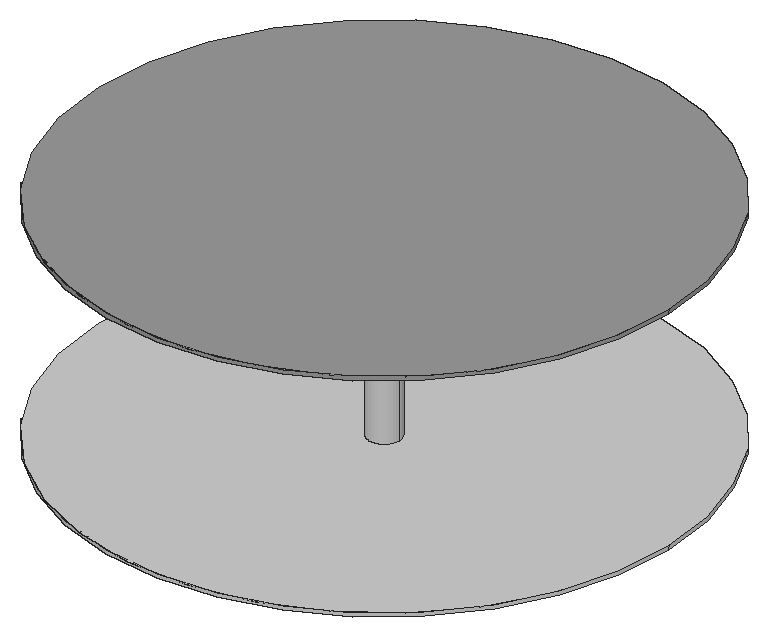
Revit family "Haworth_Cappellini_Gong_Table_EU_PRELIMINARY", category Furniture, Revit 2018
Family settings
  OmniClass Number = 23.40.20.00
  OmniClass Title = General Furniture and Specialties
  Work Plane-Based = No
  Always vertical = Yes
  Cut with Voids When Loaded = No
  Shared = No
  Room Calculation Point = No
Parameters (values of type "Large - Plain Top")
  Worksurface Width = if(Small, 25 cm, 37 cm)  # 37 cm
  Warranty = "http://www.haworth.com/resources/product-info/warranties"
  URL - Product = "https://www.haworth.com/eu/en/products/coffee-tables/gong.html"
  URL = "https://www.haworth.com/eu/en.html"
  Table Finish [instance] = Haworth _ Laminate _ Undecided _ Tables
  Small = no
  Size = "Verify Final Dim. w/ Haworth"  # constant formula
  Revision = "1"  # constant formula
  Radius = if(Small, 1.5 cm, 2 cm)  # 2 cm
  Plain Top = yes
  Model = "GG_XX"  # constant formula
  Manufacturer = "Haworth"  # constant formula
  Large = not(Small)  # yes
  Description = "Haworth - Cappellini - Gong - Table"  # constant formula
  Circus Top 2 Finish [instance] = Haworth _ Laminate _ Undecided _ Tables
  Circus Top 1 Finish [instance] = Haworth _ Laminate _ Collection Black E9-1
  Circus Top = not(or(Plain Top, Large))  # no
  Base Finish [instance] = Haworth _ Paint _ Undecided _ Table
  Author = "Haworth (Hampton, Abd Rahman)"  # constant formula
  Assembly Code = "E2020200"
  Actual Height = if(Small, 42 cm, 28 cm)  # 28 cm
  Actual Diameter = if(Small, 50 cm, 73.5 cm)  # 73.5 cm
Types (4, lengths in cm): name | Worksurface Width | Small | Radius | Plain Top | Large | Circus Top | Base Finish | Actual Height | Actual Diameter
  (no name) | 37 | no | 2 | yes | yes | no | Haworth _ Paint _ Undecided _ Table | 28 | 73.5
  Small - Plain Top | 25 | yes | 1.5 | yes | no | no | Haworth _ Paint _ Undecided _ Table | 42 | 50
  Large - Plain Top | 37 | no | 2 | yes | yes | no | Haworth _ Paint _ Undecided _ Table | 28 | 73.5
  Small - Circus Top | 25 | yes | 1.5 | no | no | yes | Haworth _ Paint _ Black | 42 | 50
Reference planes (cm)
  plane 1 "Center Front/Back": y = 0
  plane 2: z = 0
  plane 3 "Center Left/Right": x = 0
  plane 4 "Top": z = 28
  plane 5 "Top Bottom": z = 27.4973
  plane 6 "Bottom Top": z = 0.4762
  plane 7: x = -36.75
  plane 8: x = 36.75
  plane 9: y = -36.75
  plane 10: y = 36.75
  plane 11: through (-12.5, 21.6506, 121.92) normal (0.866, 0.5, 0)
  plane 12: through (21.6506, 12.5, 121.92) normal (0.5, -0.866, 0)
  plane 13: through (21.6506, -12.5, 121.92) normal (-0.5, -0.866, 0)
  plane 14: through (6.25, 10.8253, 121.92) normal (0.866, -0.5, 0)
Forms (cm)
  Extrusion 1, solid, material "Haworth _ Paint _ Undecided _ Table" <- "Base Finish"
    sketch origin (0, 0, 0) x (1, 0, 0) y (0, 1, 0)
      loop
        circle (0, 0) r 37
    from 0 to 0.4762
  Extrusion 2, solid, material "Haworth _ Laminate _ Undecided _ Tables" <- "Table Finish", visible <- "Plain Top"
    sketch origin (0, 0, 0) x (1, 0, 0) y (0, 1, 0)
      loop
        circle (0, 0) r 37
    from 27.4973 to 28
  Extrusion 3, solid, material "Haworth _ Paint _ Undecided _ Table" <- "Base Finish"
    sketch origin (0, 0, 0) x (1, 0, 0) y (0, 1, 0)
      loop
        circle (0, 0) r 2
    from 0.4762 to 27.4973
  Extrusion 4, solid, material "Haworth _ Laminate _ Undecided _ Tables" <- "Circus Top 2 Finish", visible <- "Circus Top"
    sketch origin (0, 0, 0) x (1, 0, 0) y (0, 1, 0)
      loop
        arc (18.375, 31.8264) -> (9.5116, 35.4978) -> (0, 36.75) r 36.75
        line (0, 36.75) -> (0, 0) -> (18.375, 31.8264)
    from 27.4973 to 28
  Extrusion 5, solid, material "Haworth _ Laminate _ Collection Black E9-1" <- "Circus Top 1 Finish", visible <- "Circus Top"
    sketch origin (0, 0, 0) x (-0.5, 0.866025, 0) y (-0.866025, -0.5, 0)
      loop
        line (18.5, -32.0429) -> (0, 0) -> (0, -37)
        arc (0, -37) -> (9.5763, -35.7393) -> (18.5, -32.0429) r 37
    from 27.4973 to 28
  Extrusion 6, solid, material "Haworth _ Laminate _ Undecided _ Tables" <- "Circus Top 2 Finish", visible <- "Circus Top"
    sketch origin (0, 0, 0) x (0.5, -0.866025, 0) y (0.866025, 0.5, 0)
      loop
        arc (18.375, 31.8264) -> (9.5116, 35.4978) -> (0, 36.75) r 36.75
        line (0, 36.75) -> (0, 0) -> (18.375, 31.8264)
    from 27.4973 to 28
  Extrusion 7, solid, material "Haworth _ Laminate _ Collection Black E9-1" <- "Circus Top 1 Finish", visible <- "Circus Top"
    sketch origin (0, 0, 0) x (-1, 0, 0) y (0, -1, 0)
      loop
        line (18.375, -31.8264) -> (0, 0) -> (0, -36.75)
        arc (0, -36.75) -> (9.5116, -35.4978) -> (18.375, -31.8264) r 36.75
    from 27.4973 to 28
  Extrusion 8, solid, material "Haworth _ Laminate _ Undecided _ Tables" <- "Circus Top 2 Finish", visible <- "Circus Top"
    sketch origin (0, 0, 0) x (0.5, 0.866025, 0) y (-0.866025, 0.5, 0)
      loop
        arc (18.5, 32.0429) -> (9.5763, 35.7393) -> (0, 37) r 37
        line (0, 37) -> (0, 0) -> (18.5, 32.0429)
    from 27.4973 to 28
  Extrusion 9, solid, material "Haworth _ Laminate _ Collection Black E9-1" <- "Circus Top 1 Finish", visible <- "Circus Top"
    sketch origin (0, 0, 0) x (-0.5, -0.866025, 0) y (0.866025, -0.5, 0)
      loop
        line (18.375, -31.8264) -> (0, 0) -> (0, -36.75)
        arc (0, -36.75) -> (9.5116, -35.4978) -> (18.375, -31.8264) r 36.75
    from 27.4973 to 28
  Extrusion 10, solid, material "Haworth _ Laminate _ Collection Black E9-1" <- "Circus Top 1 Finish", visible <- "Circus Top"
    sketch origin (0, 0, 0) x (1, 0, 0) y (0, 1, 0)
      loop
        line (18.375, -31.8264) -> (0, 0) -> (0, -36.75)
        arc (0, -36.75) -> (9.5116, -35.4978) -> (18.375, -31.8264) r 36.75
    from 27.4973 to 28
  Extrusion 11, solid, material "Haworth _ Laminate _ Undecided _ Tables" <- "Circus Top 2 Finish", visible <- "Circus Top"
    sketch origin (0, 0, 0) x (-0.5, -0.866025, 0) y (0.866025, -0.5, 0)
      loop
        arc (18.5, 32.0429) -> (9.5763, 35.7393) -> (0, 37) r 37
        line (0, 37) -> (0, 0) -> (18.5, 32.0429)
    from 27.4973 to 28
  Extrusion 12, solid, material "Haworth _ Laminate _ Collection Black E9-1" <- "Circus Top 1 Finish", visible <- "Circus Top"
    sketch origin (0, 0, 0) x (0.5, 0.866025, 0) y (-0.866025, 0.5, 0)
      loop
        line (18.375, -31.8264) -> (0, 0) -> (0, -36.75)
        arc (0, -36.75) -> (9.5116, -35.4978) -> (18.375, -31.8264) r 36.75
    from 27.4973 to 28
  Extrusion 13, solid, material "Haworth _ Laminate _ Undecided _ Tables" <- "Circus Top 2 Finish", visible <- "Circus Top"
    sketch origin (0, 0, 0) x (-1, 0, 0) y (0, -1, 0)
      loop
        arc (18.375, 31.8264) -> (9.5116, 35.4978) -> (0, 36.75) r 36.75
        line (0, 36.75) -> (0, 0) -> (18.375, 31.8264)
    from 27.4973 to 28
  Extrusion 14, solid, material "Haworth _ Laminate _ Collection Black E9-1" <- "Circus Top 1 Finish", visible <- "Circus Top"
    sketch origin (0, 0, 0) x (0.5, -0.866025, 0) y (0.866025, 0.5, 0)
      loop
        line (18.5, -32.0429) -> (0, 0) -> (0, -37)
        arc (0, -37) -> (9.5763, -35.7393) -> (18.5, -32.0429) r 37
    from 27.4973 to 28
  Extrusion 15, solid, material "Haworth _ Laminate _ Undecided _ Tables" <- "Circus Top 2 Finish", visible <- "Circus Top"
    sketch origin (0, 0, 0) x (-0.5, 0.866025, 0) y (-0.866025, -0.5, 0)
      loop
        arc (18.375, 31.8264) -> (9.5116, 35.4978) -> (0, 36.75) r 36.75
        line (0, 36.75) -> (0, 0) -> (18.375, 31.8264)
    from 27.4973 to 28
Lines and regions (cm)
  Masking region 1
    outline origin (0, 0, 0) x (1, 0, 0) y (0, 1, 0)
      loop
        circle (0, 0) r 37
Dimensions and locks (cm)
  "Actual Height": plane 4 "Top" to level
  locked: plane 6 "Bottom Top" to level at 0.4763
  locked: plane 4 "Top" to plane 5 "Top Bottom" at 0.5027
  equal spacing: plane 7, plane 3 "Center Left/Right", plane 8
  "Actual Diameter": plane 7 to plane 8
  equal spacing: plane 9, plane 1 "Center Front/Back", plane 10
  "Actual Diameter": plane 9 to plane 10
  "Worksurface Width": radius of Masking region 1 sketch curve
  "Worksurface Width": radius of Extrusion 2 sketch curve
  "Radius": radius of Extrusion 3 sketch curve
  "Worksurface Width": radius of Extrusion 1 sketch curve
  locked: plane 3 "Center Left/Right" to plane 11 (angle 30.00°)  (x2)
  locked: plane 11 to plane 13 (angle 30.00°)  (x2)
  locked: plane 13 to plane 1 "Center Front/Back" (angle 30.00°)  (x2)
  locked: plane 14 to plane 3 "Center Left/Right" (angle 30.00°)  (x2)
  locked: plane 12 to plane 14 (angle 30.00°)  (x2)
  locked: plane 1 "Center Front/Back" to plane 12 (angle 30.00°)  (x2)
  aligned and locked: plane 4 "Top" to Extrusion 2
  aligned and locked: Extrusion 2 to plane 5 "Top Bottom"
  aligned and locked: plane 5 "Top Bottom" to Extrusion 3
  aligned and locked: plane 3 "Center Left/Right" to Masking region 1 sketch curve
  aligned and locked: plane 1 "Center Front/Back" to Masking region 1 sketch curve
  aligned and locked: plane 1 "Center Front/Back" to Extrusion 2 sketch curve
  aligned and locked: plane 3 "Center Left/Right" to Extrusion 2 sketch curve
  aligned and locked: plane 1 "Center Front/Back" to Extrusion 3 sketch curve
  aligned and locked: plane 3 "Center Left/Right" to Extrusion 1 sketch curve
  aligned and locked: plane 1 "Center Front/Back" to Extrusion 1 sketch curve
  aligned and locked: Extrusion 12 to plane 5 "Top Bottom"
  aligned and locked: Extrusion 6 to plane 5 "Top Bottom"
  aligned and locked: plane 4 "Top" to Extrusion 12
  aligned and locked: plane 4 "Top" to Extrusion 6
  aligned and locked: Extrusion 11 to plane 5 "Top Bottom"
  aligned and locked: Extrusion 10 to plane 5 "Top Bottom"
  aligned and locked: Extrusion 5 to plane 5 "Top Bottom"
  aligned and locked: Extrusion 4 to plane 5 "Top Bottom"
  aligned and locked: Extrusion 13 to plane 5 "Top Bottom"
  aligned and locked: Extrusion 14 to plane 5 "Top Bottom"
  aligned and locked: Extrusion 15 to plane 5 "Top Bottom"
  aligned and locked: Extrusion 9 to plane 5 "Top Bottom"
  aligned and locked: Extrusion 8 to plane 5 "Top Bottom"
  aligned and locked: Extrusion 7 to plane 5 "Top Bottom"
  aligned and locked: plane 4 "Top" to Extrusion 15
  aligned and locked: plane 4 "Top" to Extrusion 9
  aligned and locked: plane 4 "Top" to Extrusion 13
  aligned and locked: plane 4 "Top" to Extrusion 14
  aligned and locked: plane 4 "Top" to Extrusion 8
  aligned and locked: plane 4 "Top" to Extrusion 7
  aligned and locked: plane 4 "Top" to Extrusion 10
  aligned and locked: plane 4 "Top" to Extrusion 11
  aligned and locked: plane 4 "Top" to Extrusion 5
  aligned and locked: plane 4 "Top" to Extrusion 4
  aligned and locked: Extrusion 7 sketch curve to plane 3 "Center Left/Right"
  aligned and locked: plane 11 to Extrusion 7 sketch curve
  aligned and locked: plane 11 to Extrusion 8 sketch curve
  aligned and locked: plane 13 to Extrusion 8 sketch curve
  aligned and locked: plane 13 to Extrusion 9 sketch curve
  aligned and locked: Extrusion 9 sketch curve to plane 1 "Center Front/Back"
  aligned and locked: Extrusion 15 sketch curve to plane 1 "Center Front/Back"
  aligned and locked: plane 12 to Extrusion 15 sketch curve
  aligned and locked: plane 12 to Extrusion 14 sketch curve
  aligned and locked: Extrusion 14 sketch curve to plane 14
  aligned and locked: Extrusion 13 sketch curve to plane 14
  aligned and locked: plane 3 "Center Left/Right" to Extrusion 13 sketch curve
  aligned and locked: plane 3 "Center Left/Right" to Extrusion 10 sketch curve
  aligned and locked: Extrusion 10 sketch curve to plane 11
  aligned and locked: Extrusion 11 sketch curve to plane 11
  aligned and locked: Extrusion 11 sketch curve to plane 13
  aligned and locked: Extrusion 12 sketch curve to plane 13
  aligned and locked: plane 1 "Center Front/Back" to Extrusion 12 sketch curve
  aligned and locked: plane 1 "Center Front/Back" to Extrusion 6 sketch curve
  aligned and locked: Extrusion 6 sketch curve to plane 12
  aligned and locked: Extrusion 5 sketch curve to plane 12
  aligned and locked: plane 14 to Extrusion 5 sketch curve
  aligned and locked: plane 14 to Extrusion 4 sketch curve
  aligned and locked: Extrusion 4 sketch curve to plane 3 "Center Left/Right"
  aligned and locked: Extrusion 1 to level
  aligned and locked: plane 6 "Bottom Top" to Extrusion 1
  aligned and locked: Extrusion 3 to plane 6 "Bottom Top"
  aligned and locked: Extrusion 5 sketch curve to Extrusion 2
  aligned and locked: Extrusion 8 sketch curve to Extrusion 2
  aligned and locked: Extrusion 14 sketch curve to Extrusion 2
  aligned and locked: Extrusion 11 sketch curve to Extrusion 2
Automatic sketch dimensions
  Extrusion 3 sketch curve to plane 3 "Center Left/Right" = 0 cm
  plane 1 "Center Front/Back" to Extrusion 4 sketch curve = 0 cm
  plane 10 to Extrusion 4 sketch curve = 0 cm
  Extrusion 6 sketch curve to plane 8 = 0 cm
  plane 1 "Center Front/Back" to Extrusion 6 sketch curve = 0 cm
  plane 1 "Center Front/Back" to Extrusion 7 sketch curve = 0 cm
  plane 10 to Extrusion 7 sketch curve = 0 cm
  Extrusion 9 sketch curve to plane 7 = 0 cm
  plane 1 "Center Front/Back" to Extrusion 9 sketch curve = 0 cm
  plane 1 "Center Front/Back" to Extrusion 10 sketch curve = 0 cm
  plane 9 to Extrusion 10 sketch curve = 0 cm
  Extrusion 12 sketch curve to plane 8 = 0 cm
  plane 1 "Center Front/Back" to Extrusion 12 sketch curve = 0 cm
  plane 1 "Center Front/Back" to Extrusion 13 sketch curve = 0 cm
  plane 9 to Extrusion 13 sketch curve = 0 cm
  Extrusion 15 sketch curve to plane 7 = 0 cm
  plane 1 "Center Front/Back" to Extrusion 15 sketch curve = 0 cm
